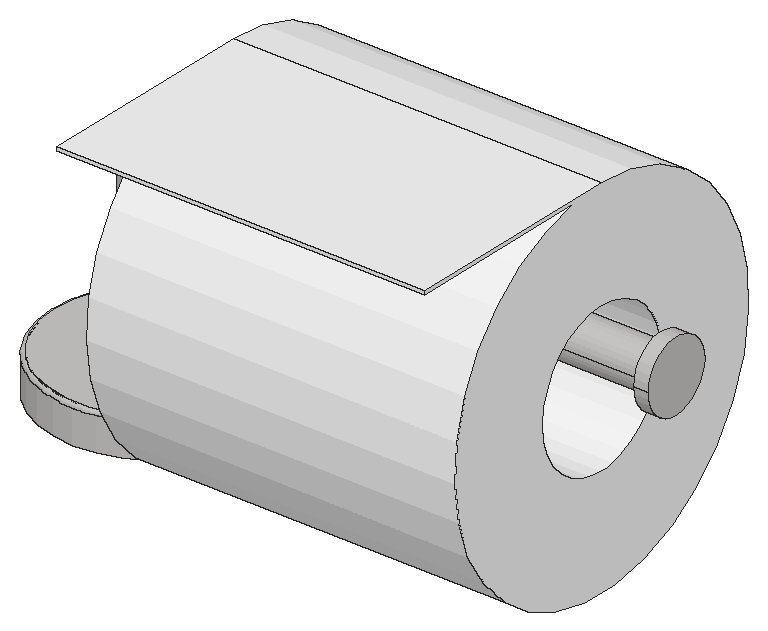
Revit family "PRD_FrankeWS_TltRllHldrs_FIRMUSReplacementToiletRollHolder_FIRX211HP", category Specialty Equipment, host Face, Revit 2018
Family settings
  Host = Face
  Round Connector Dimension = Use Diameter
  Part Type = Normal
  OmniClass Number = 23.40.20.21.21
  OmniClass Title = Toilet Paper Dispensers
  Cut with Voids When Loaded = No
  Shared = No
  Room Calculation Point = No
Parameters (values of type "FIRX211HP")
  WarrantyStartDate [instance] = "1900-12-31T23:59:59"
  WarrantyGuarantorParts = "n/a"
  WarrantyGuarantorLabor = "n/a"
  WarrantyDurationUnit = "year"
  WarrantyDurationParts = "n/a"
  WarrantyDurationLabor = "n/a"
  WarrantyDescription = "n/a"
  Version = "1"
  Uniclass2015Version = "Products v1.17"
  Uniclass2015Title = "Toilet roll holders"
  Uniclass2015Code = "Pr_40_20_76_88"
  URL = "www.kwc.com"
  TypeOfMounting = "Wall mounting"
  TypeOfFixing = "Screw"
  ToiletRollMaterial = PRD_AR_ToiletRoll
  TagNumber [instance] = "n/a"
  SustainabilityPerformance = "n/a"
  Style = "Roll holder"
  Spindle = "No"
  Size = "170 x 60 x 65 mm"
  Shape = "n/a"
  SerialNumber [instance] = "n/a"
  Revision = "n/a"
  ReplacementCost = "n/a"
  ProductInformation = "https://pim.kwc.com/product/2000106293/attachment/datasheet?locale=en"
  NominalWidth = 170.00 mm
  NominalHeight = 60.00 mm
  NominalDepth = 65.00 mm
  NetWeight = 0.24 kg
  Name = "Replacement toilet roll holder FIRX211HP"
  NBSTypeID = "n/a"
  NBSReference = "45-35-72/368"
  NBSOfficeMasterTag = "n/a"
  NBSNote = "n/a"
  NBSDescription = "Toilet roll holders"
  NBSCertification = "n/a"
  ModelReference = "FIRX211HP"
  ModelNumber = "2000106293"
  Model = ModelReference  # "FIRX211HP"
  MaterialCode = "1.4301"
  Material = "stainless steel"
  ManufacturerURL = "www.kwc.com"
  ManufacturerName = "KWC Group AG"  # constant formula
  Manufacturer = ManufacturerName  # "KWC Group AG"
  MainColor = "stainless steel"
  Lock = "No lock"
  IsBuiltIn = "TRUE"
  IntegralAccessories = "incl. stainless steel screws and dowels"
  InstallationDate [instance] = "1900-12-31T23:59:59"
  IfcExportType = "USERDEFINED"
  IfcExportAs = "IfcFurnitureType"
  HolderMaterial = PRD_AR_StainlessSteel_HighPolished
  GrossWeight = 0.34 kg
  Grade = "n/a"
  Finish = "high polished"
  FillingQuantity = "1"
  Features = "stainless steel, surface high polished"
  ExpectedLife = "n/a"
  DurationUnit = "year"
  Description = "Spare toilet roll holder for wall mounting, 304 stainless steel, roundcovers with drilled hole on bottom for fixation, inclusive stainless steel screws and dowels."
  Default Elevation = 600.00 mm
  CreateOn = "05/2020"  # constant formula
  Constituents = "n/a"
  Color = "n/a"
  CodePerformance = "n/a"
  Category = "Pr_40_20_76_88, Toilet roll holders"
  BarCode [instance] = "n/a"
  BIMObjectName = "PRD_AR_ToiletRollHolders_FIRMUSReplacementToiletRollHolder_FIRX211HP"
  Author = "Archispace"  # constant formula
  AssetType = "Fixed"
  AssetIdentifier [instance] = "n/a"
  AccessibilityPerformance = "n/a"
Reference planes
  plane 1 "Center (Front/Back)": y = 0
  plane 2: z = 0
  plane 3 "Center (Left/Right)": x = 0
  plane 4: through (0, -99.134, 128.738) normal (0, 0.1788, 0.9839)
Forms (mm)
  Extrusion 1, solid, material "PRD_AR_StainlessSteel_HighPolished" <- "HolderMaterial", detail levels fine
    sketch origin (270, 0, 0) x (1, 0, 0) y (0, 1, 0)
      loop
        circle (-270, 0) r 30
    from 0 to 10
  Sweep 2, solid, material "PRD_AR_StainlessSteel_HighPolished" <- "HolderMaterial", detail levels fine
    path origin (270, 0, 0) x (1, 0, 0) y (0, 0, 1)
      loop
        line (-270, 10) -> (-270, 65)
    profile origin (0, 0, 37.5) x (-1, 0, 0) y (0, -1, 0)
      loop
        circle (0, 0) r 9.5
  Extrusion 3, solid, material "PRD_AR_StainlessSteel_HighPolished" <- "HolderMaterial", detail levels medium
    sketch origin (270, 0, 0) x (1, 0, 0) y (0, 1, 0)
      loop
        circle (-270, 0) r 30
    from 0 to 10
  Sweep 4, void
    path in 3D
      loop
        arc (30, 0, 10) -> (0, -30, 10) -> (-30, 0, 10) r 30
        arc (-30, 0, 10) -> (0, 30, 10) -> (30, 0, 10) r 30
    profile origin (0, 30, 10) x (0, 1, 0) y (0, 0, 1)
      loop
        line (0, 0) -> (-1, 0)
        arc (-1, 0) -> (-0.293, -0.293) -> (0, -1) r 1
        line (0, -1) -> (0, 0)
  Sweep 5, void
    path in 3D
      loop
        arc (9.5, 0, 65) -> (0, -9.5, 65) -> (-9.5, 0, 65) r 9.5
        arc (-9.5, 0, 65) -> (0, 9.5, 65) -> (9.5, 0, 65) r 9.5
    profile origin (0, 9.5, 65) x (0, 1, 0) y (0, 0, 1)
      loop
        line (0, 0) -> (-1, 0)
        arc (-1, 0) -> (-0.293, -0.293) -> (0, -1) r 1
        line (0, -1) -> (0, 0)
  Sweep 6, solid, material "PRD_AR_StainlessSteel_HighPolished" <- "HolderMaterial", detail levels medium
    path origin (270, 0, 0) x (1, 0, 0) y (0, 0, 1)
      loop
        line (-270, 10) -> (-270, 65)
    profile origin (0, 0, 37.5) x (-1, 0, 0) y (0, -1, 0)
      loop
        circle (0, 0) r 9.5
  Extrusion 7, solid, material "PRD_AR_ToiletRoll" <- "ToiletRollMaterial", detail levels fine
    sketch origin (0, 77.994, 0) x (0, 1, 0) y (0, 0, 1)
      loop
        circle (-92.244, 53) r 20.25
      loop
        line (-92.244, 103) -> (-152.244, 103) -> (-152.244, 102.2) -> (-101.152, 102.2)
        arc (-101.152, 102.2) -> (-87.772, 3.2) -> (-92.244, 103) r 50
    from 31 to 131
  Extrusion 8, solid, material "PRD_AR_StainlessSteel_HighPolished" <- "HolderMaterial", detail levels coarse
    sketch origin (0, 0, 0) x (0, 1, 0) y (0, 0, 1)
      loop
        arc (35.75, 53) -> (-14.25, 103) -> (-64.25, 53) r 50
        line (-64.25, 53) -> (-64.25, 0) -> (35.75, 0) -> (35.75, 53)
    from -30 to 140
  Sweep 9, solid, material "PRD_AR_StainlessSteel_HighPolished" <- "HolderMaterial", detail levels fine
    path origin (0, 0, 0) x (1, 0, 0) y (0, 1, 0)
      loop
        line (140, 0) -> (0, 0)
    profile origin (70, 0, 0) x (0, -1, 0) y (0, 0, 1)
      loop
        circle (0, 53) r 6
  Extrusion 10, solid, material "PRD_AR_ToiletRoll" <- "ToiletRollMaterial", detail levels medium
    sketch origin (0, 77.994, 0) x (0, 1, 0) y (0, 0, 1)
      loop
        circle (-92.244, 53) r 50
    from 31 to 131
  Sweep 11, solid, material "PRD_AR_StainlessSteel_HighPolished" <- "HolderMaterial", detail levels fine
    path origin (0, 0, 0) x (1, 0, 0) y (0, 1, 0)
      loop
        line (140, 0) -> (136, 0)
    profile origin (138, 0, 0) x (0, -1, 0) y (0, 0, 1)
      loop
        circle (0, 53) r 9.5
  Sweep 12, solid, material "PRD_AR_StainlessSteel_HighPolished" <- "HolderMaterial", detail levels medium
    path origin (0, 0, 0) x (1, 0, 0) y (0, 1, 0)
      loop
        line (140, 0) -> (0, 0)
    profile origin (70, 0, 0) x (0, -1, 0) y (0, 0, 1)
      loop
        circle (0, 53) r 6
  Sweep 13, solid, material "PRD_AR_StainlessSteel_HighPolished" <- "HolderMaterial", detail levels medium
    path origin (0, 0, 0) x (1, 0, 0) y (0, 1, 0)
      loop
        line (140, 0) -> (136, 0)
    profile origin (138, 0, 0) x (0, -1, 0) y (0, 0, 1)
      loop
        circle (0, 53) r 9.5
Cuts and joins
  Sweep 4 cuts Extrusion 1
  Sweep 5 cuts Sweep 2
  joined: Sweep 2, Sweep 9, Sweep 11
  joined: Sweep 6, Sweep 12, Sweep 13
Lines and regions (mm)
  sketch lines
    curve 1: arc (-30, 0, 10) -> (0, 30, 10) -> (30, 0, 10) r 30
    curve 2: arc (30, 0, 10) -> (0, -30, 10) -> (-30, 0, 10) r 30
    curve 3: arc (-9.5, 0, 65) -> (0, 9.5, 65) -> (9.5, 0, 65) r 9.5
    curve 4: arc (9.5, 0, 65) -> (0, -9.5, 65) -> (-9.5, 0, 65) r 9.5
Dimensions and locks
  aligned and locked: plane 2 to host face
  aligned and locked: level to host face
